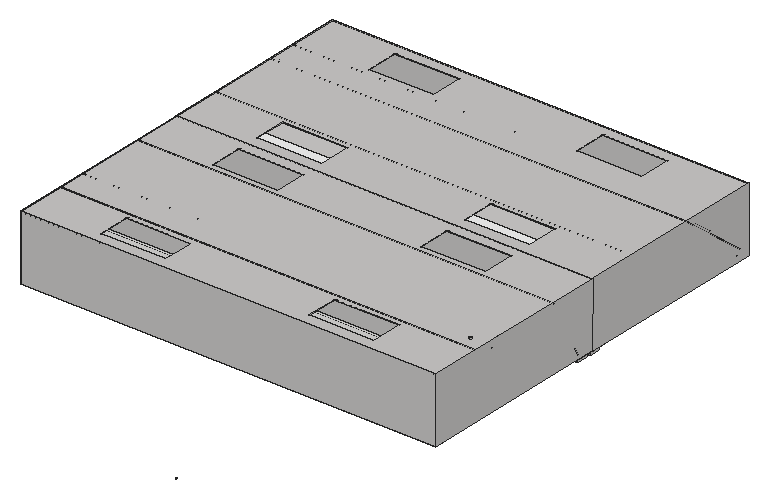
Revit family "QF_ELECTROLUXPROFESSIONAL_641396_STCF3032", category Specialty Equipment, Revit 2014
Reference planes
  plane 1 "Center (Front/Back)": y = 0
  plane 2: z = 0
  plane 3 "Center (Left/Right)": x = 0
  plane 4 "LEFT": x = -1600
  plane 5 "RIGHT": x = 1600
  plane 6 "BACK": y = 1500
  plane 7 "FRONT": y = -1500
  plane 8 "Base": z = 2000
  plane 9 "EIx": x = 1480
  plane 10 "Top": z = 2500
  plane 11 "BaseHood": z = 2000
  plane 12: y = 1500
  plane 13: y = -1020
Forms (mm)
  Extrusion 1, solid, material "QF_Finishes_Stainless Steel"
    sketch origin (-200, -1020, 2500) x (0, 1, 0) y (-1, 0, 0)
      loop
        circle (0, -1680) r 10
    from 0 to 1.6
Dimensions and locks
  plane 4 "LEFT" to plane 5 "RIGHT" = 3200.0 mm
  equal spacing: plane 4 "LEFT", plane 3 "Center (Left/Right)", plane 5 "RIGHT"
  equal spacing: plane 6 "BACK", plane 1 "Center (Front/Back)", plane 7 "FRONT"
  plane 6 "BACK" to plane 7 "FRONT" = 3000.0 mm  (x2)
  plane 9 "EIx" to plane 5 "RIGHT" = 120.0 mm
  plane 11 "BaseHood" to level = 2000.0 mm
  plane 10 "Top" to plane 11 "BaseHood" = 500.0 mm
  plane 13 to plane 7 "FRONT" = 480.0 mm
  aligned and locked: level to plane 2
Automatic sketch dimensions
  plane 1 "Center (Front/Back)" to Extrusion 1 sketch curve = 1020.0 mm
  Extrusion 1 sketch curve to plane 9 "EIx" = 0.0 mm
  radius of Extrusion 1 sketch curve = 10.0 mm
Nested families
  nested 1: "QF_ELECTROLUXPROFESSIONAL_641262" at (-150, -550, 0), type "QF_ELECTROLUXPROFESSIONAL_641262"
  nested 2: "QF_ELECTROLUXPROFESSIONAL_641262" at (-150, 550, 0), type "QF_ELECTROLUXPROFESSIONAL_641262"
Connectors
  hvac at (-800, -1289, 2505)
    settings: on nested 1, index 1, duct flow 0.0 L/s, flow factor 0, pres drop 0.0 Pa, loss coef 0, conn angle 0.00°, conn width 250 mm, conn height 500 mm, conn diameter 609.6 mm, duct sys type 1, conn prof type 1, flow config 1, flow direction 1, loss method 0, conn ref index -1, conn util no, is conn primary yes, conn desc "AIR INLET"
  hvac at (800, -1289, 2505)
    settings: on nested 1, index 8, duct flow 0.0 L/s, flow factor 0, pres drop 0.0 Pa, loss coef 0, conn angle 0.00°, conn width 250 mm, conn height 500 mm, conn diameter 609.6 mm, duct sys type 1, conn prof type 1, flow config 1, flow direction 1, loss method 0, conn ref index -1, conn util no, is conn primary no, conn desc "AIR INLET"
  piping at (1480, -60, 1970), diameter 9.5
    settings: on nested 1, index 10, connector inside diameter 609.6 mm, connector length 0.0 mm, flow factor 0, pipe flow 0.0 L/s, pressure drop 0.0 Pa, fitting loss kfactor 0, connector angle 0.00°, fixture units 0, engagement length 0.0 mm, angle of deflection 0.00°, flow configuration 1, flow direction 2, fitting loss method 0, system type 16, joint type 0, gender type 0, connector reference index -1, connector utility 0, adjustable connector no, is connector primary yes, connector description "Drain"
  electrical at (1480, -1020, 2501.6)
    settings: on Extrusion 1, index 11, voltage 0 V, apparent load 0 VA, apparent load phase1 0 VA, apparent load phase2 0 VA, apparent load phase3 0 VA, power factor 1, load classification "Other", number of poles 1, system type 30, power factor state 1, is connector primary yes, connector utility no, sub classification motor no, connector description "Electrical Connection"
  hvac at (-800, 1289, 2505)
    settings: on nested 2, index 12, duct flow 0.0 L/s, flow factor 0, pres drop 0.0 Pa, loss coef 0, conn angle 0.00°, conn width 500 mm, conn height 250 mm, conn diameter 609.6 mm, duct sys type 1, conn prof type 1, flow config 1, flow direction 1, loss method 0, conn ref index -1, conn util no, is conn primary no, conn desc "AIR INLET"
  hvac at (800, 1289, 2505)
    settings: on nested 2, index 15, duct flow 0.0 L/s, flow factor 0, pres drop 0.0 Pa, loss coef 0, conn angle 0.00°, conn width 500 mm, conn height 250 mm, conn diameter 609.6 mm, duct sys type 1, conn prof type 1, flow config 1, flow direction 1, loss method 0, conn ref index -1, conn util no, is conn primary no, conn desc "AIR INLET"
  piping at (1480, 60, 1970), diameter 9.5
    settings: on nested 2, index 16, connector inside diameter 609.6 mm, connector length 0.0 mm, flow factor 0, pipe flow 0.0 L/s, pressure drop 0.0 Pa, fitting loss kfactor 0, connector angle 0.00°, fixture units 0, engagement length 0.0 mm, angle of deflection 0.00°, flow configuration 1, flow direction 2, fitting loss method 0, system type 16, joint type 0, gender type 0, connector reference index -1, connector utility 0, adjustable connector no, is connector primary no, connector description ""
  hvac at (-800, 211, 2500)
    settings: on nested 2, index 17, duct flow 0.0 L/s, flow factor 0, pres drop 0.0 Pa, loss coef 0, conn angle 0.00°, conn width 250 mm, conn height 500 mm, conn diameter 609.6 mm, duct sys type 3, conn prof type 1, flow config 1, flow direction 2, loss method 0, conn ref index -1, conn util no, is conn primary no, conn desc "EXHAUST OUTLET"
  hvac at (-800, -211, 2500)
    settings: on nested 1, index 18, duct flow 0.0 L/s, flow factor 0, pres drop 0.0 Pa, loss coef 0, conn angle 0.00°, conn width 500 mm, conn height 250 mm, conn diameter 609.6 mm, duct sys type 3, conn prof type 1, flow config 1, flow direction 2, loss method 0, conn ref index -1, conn util no, is conn primary no, conn desc "EXHAUST OUTLET"
  hvac at (800, 211, 2500)
    settings: on nested 2, index 20, duct flow 0.0 L/s, flow factor 0, pres drop 0.0 Pa, loss coef 0, conn angle 0.00°, conn width 250 mm, conn height 500 mm, conn diameter 609.6 mm, duct sys type 3, conn prof type 1, flow config 1, flow direction 2, loss method 0, conn ref index -1, conn util no, is conn primary no, conn desc "EXHAUST OUTLET"
  hvac at (800, -211, 2500)
    settings: on nested 1, index 21, duct flow 0.0 L/s, flow factor 0, pres drop 0.0 Pa, loss coef 0, conn angle 0.00°, conn width 500 mm, conn height 250 mm, conn diameter 609.6 mm, duct sys type 3, conn prof type 1, flow config 1, flow direction 2, loss method 0, conn ref index -1, conn util no, is conn primary no, conn desc "EXHAUST OUTLET"
Definition of nested family "QF_ELECTROLUXPROFESSIONAL_641262"
  Reference planes
    plane 1: z = 0
    plane 2 "Center (Left/Right)": x = 150
    plane 3 "LEFT": x = -1450
    plane 4 "RIGHT": x = 1750
    plane 5 "BACK": y = 550
    plane 6 "TOP": z = 2500
    plane 7 "Base": z = 2000
    plane 8: z = 1955
    plane 9 "DrainY": y = 490
    plane 10: x = -1447
    plane 11 "DrainX": x = 1630
    plane 12 "AOLeft2": x = -400
    plane 13 "AORight1": x = 700
    plane 14: x = 1747
    plane 15: x = -1250
    plane 16: x = 1550
    plane 17 "Center (Front/Back)": y = -200
    plane 18 "Front": y = -950
    plane 19 "AOLeft1": x = -900
    plane 20 "AORight2": x = 1200
    plane 21: y = -864
    plane 22: y = -614
    plane 23 "EI_y": y = -470
    plane 24 "EIx": x = 1630
    plane 25: y = 464
    plane 26: y = 214
  Forms (mm)
    Extrusion 1, solid, material "QF_Finishes_Stainless Steel"
      sketch origin (-1450, 0, 360) x (0, 1, 0) y (0, 0, 1)
        loop
          line (550, 1640) -> (550, 2140) -> (-950, 2140) -> (-950, 1640) -> (550, 1640)
      from 0 to 3
    Extrusion 2, solid, material "QF_Finishes_Stainless Steel"
      sketch origin (1750, 0, 360) x (0, 1, 0) y (0, 0, 1)
        loop
          line (550, 1640) -> (550, 2140) -> (-950, 2140) -> (-950, 1640) -> (550, 1640)
      from 0 to -3
    Extrusion 3, solid, material "QF_Finishes_Stainless Steel"
      sketch origin (150, 0, 360) x (0, 1, 0) y (0, 0, 1)
        loop
          line (-950, 2140) -> (-950, 1640) -> (-940, 1640) -> (-940, 1640.8) -> (-949.2, 1640.8) -> (-949.2, 2139.19) -> (549.2, 2139.19) -> (549.2, 1640.8) -> (540, 1640.8) -> (540, 1640) -> (550, 1640) -> (550, 2140) -> (-950, 2140)
      from -1600 to 1600
    Extrusion 4, solid, material "QF_Finishes_Stainless Steel"
      sketch origin (0, 0, 2000) x (0, 1, 0) y (-1, 0, 0)
        loop
          circle (490, -1630) r 4.763
      from -30 to 0
    Extrusion 5, void
      sketch origin (0, 0, 2500) x (0, 1, 0) y (-1, 0, 0)
        loop
          line (-614, 400) -> (-614, 900) -> (-864, 900) -> (-864, 400) -> (-614, 400)
      from 0 to -10
    Extrusion 6, solid, material "QF_Finishes_Stainless Steel"
      sketch origin (0, 0, 0) x (1, 0, 0) y (0, 1, 0)
        loop
          line (-1450, 550) -> (-1450, 549) -> (-1449, 549) -> (-1449, 550) -> (-1450, 550)
      from 0 to 1
    Extrusion 7, solid, material "QF_LAMPS"
      sketch origin (150, 0, 360) x (0, 1, 0) y (0, 0, 1)
        loop
          line (-572.823, 1962.324) -> (-418.948, 2086.929) -> (-427.129, 2097.032) -> (-581.003, 1972.426) -> (-572.823, 1962.324)
      from 1597 to -1597
    Sweep 8, solid, material "QF_Finishes_Stainless Steel"
      path origin (0, 0, 0) x (1, 0, 0) y (0, 1, 0)
        loop
          line (1750, 550) -> (-1450, 550) -> (-1450, -950) -> (1750, -950) -> (1750, 550)
      profile origin (1750, -200, 0) x (1, 0, 0) y (0, 0, 1)
        loop
          line (-3, 2000) -> (-3, 2000.8) -> (-19, 2000.8) -> (-19, 2010) -> (-20, 2010) -> (-20, 2000) -> (-3, 2000)
    Extrusion 9, solid, material "QF_Finishes_Stainless Steel"
      sketch origin (150, 0, 0) x (0, 1, 0) y (0, 0, 1)
        loop
          line (414.66, 2095.469) -> (440.643, 2110.471) -> (261.744, 2411.771) -> (235.948, 2396.455) -> (414.66, 2095.469)
      from -1597 to -1400
    Extrusion 10, void
      sketch origin (1134.605, 0, 2500) x (0, 1, 0) y (-1, 0, 0)
        loop
          line (-614, -65.395) -> (-614, 434.605) -> (-864, 434.605) -> (-864, -65.395) -> (-614, -65.395)
      from 0 to -10
    Extrusion 11, solid, material "QF_Finishes_Stainless Steel"
      sketch origin (1630, 0, 0) x (0, 1, 0) y (0, 0, 1)
        loop
          line (539, 2000) -> (441, 2000) -> (441, 1989) -> (448.5, 1989) -> (448.5, 1965)
          arc (448.5, 1965) -> (451.429, 1957.929) -> (458.5, 1955) r 10
          line (458.5, 1955) -> (521.5, 1955)
          arc (521.5, 1955) -> (528.571, 1957.929) -> (531.5, 1965) r 10
          line (531.5, 1965) -> (531.5, 1989) -> (539, 1989) -> (539, 2000)
      from 90 to -90
    Extrusion 12, solid, material "QF_Finishes_Stainless Steel"
      sketch origin (150, 0, 0) x (0, 1, 0) y (0, 0, 1)
        loop
          line (414.66, 2095.469) -> (440.643, 2110.471) -> (261.744, 2411.771) -> (235.948, 2396.455) -> (414.66, 2095.469)
      from 1400 to 1597
    Extrusion 13, solid, material "QF_Finished_Chrome"
      sketch origin (150, 0, 0) x (0, 1, 0) y (0, 0, 1)
        loop
          line (414.66, 2095.469) -> (440.643, 2110.471) -> (261.744, 2411.771) -> (235.948, 2396.455) -> (414.66, 2095.469)
      from -1400 to 1400
    Extrusion 14, void
      sketch origin (0, 1180, 2500) x (0, 1, 0) y (-1, 0, 0)
        loop
          line (-716, 400) -> (-716, 900) -> (-966, 900) -> (-966, 400) -> (-716, 400)
      from 0 to -10
    Extrusion 15, void
      sketch origin (1600, 1180, 2500) x (0, 1, 0) y (-1, 0, 0)
        loop
          line (-716, 400) -> (-716, 900) -> (-966, 900) -> (-966, 400) -> (-716, 400)
      from 0 to -10
    Extrusion 16, solid, material "QF_Finishes_Stainless Steel"
      sketch origin (150, 0, 360) x (0, 1, 0) y (0, 0, 1)
        loop
          line (430.005, 1640) -> (540, 1640) -> (540, 1640.8) -> (430.467, 1640.8) -> (371.906, 1742.23) -> (414.858, 1734.657) -> (442.266, 1750.481) -> (442.266, 1765.943) -> (441.466, 1765.943) -> (441.466, 1750.943) -> (414.709, 1735.495) -> (321.153, 1751.991) -> (320.875, 1750.416) -> (371.4, 1741.507) -> (430.005, 1640)
        loop
          line (172.529, 2139.19) -> (242.893, 2017.316) -> (245.133, 2018.715) -> (240.13, 2027.381) -> (238.569, 2026.405) -> (173.453, 2139.19) -> (172.529, 2139.19)
      from -1597 to 1597
    Extrusion 17, solid, material "QF_Finishes_Stainless Steel"
      sketch origin (150, 200.8, 360) x (0, 1, 0) y (0, 0, 1)
        loop
          line (-1150, 2139.19) -> (-1150, 1640) -> (-1086.602, 1640) -> (-999.146, 1690.493) -> (-1010.058, 1709.394) -> (-1066.564, 1676.77) -> (-1114.704, 1680.982) -> (-1149.2, 1730.248) -> (-1149.2, 2139.19) -> (-1150, 2139.19)
        loop
          line (-773.6, 1961.694) -> (-781.937, 1971.99) -> (-769.095, 1982.182) -> (-769.095, 2139.19) -> (-769.895, 2139.19) -> (-769.895, 1982.569) -> (-1082.298, 1734.63) -> (-1071.091, 1720.79) -> (-773.6, 1961.694)
        loop
          line (-627.61, 2099.216) -> (-618.171, 2087.559) -> (-554.411, 2139.19) -> (-555.682, 2139.19) -> (-618.052, 2088.684) -> (-626.989, 2099.719) -> (-627.61, 2099.216)
      from -1597 to 1597
  Cuts and joins
    Extrusion 5, Extrusion 10, Extrusion 14, Extrusion 15 cuts Extrusion 3
    joined: Extrusion 2, Extrusion 3, Sweep 8
  Lines and regions (mm)
    symbolic lines, style "SpecialityEquipment", detail levels coarse
      curve 1: line (1750, 550, 2500) -> (-1450, 550, 2500)
      curve 2: line (-1450, 550, 2500) -> (-1450, -950, 2500)
      curve 3: line (1750, -950, 2500) -> (1750, 550, 2500)
      curve 4: line (-1450, 550, 0) -> (1750, -950, 0)
      curve 5: line (1750, 550, 0) -> (-1450, -950, 0)
      curve 6: line (-1450, -950, 0) -> (1750, -950, 0)
    symbolic lines, detail levels coarse
      curve 7: line (-900, 214, 2500) -> (-400, 214, 2500)
      curve 8: line (-900, 464, 2500) -> (-900, 214, 2500)
      curve 9: line (-400, 464, 2500) -> (-900, 464, 2500)
      curve 10: line (-400, 214, 2500) -> (-400, 464, 2500)
      curve 11: line (700, 464, 2500) -> (700, 214, 2500)
      curve 12: line (1200, 464, 2500) -> (700, 464, 2500)
      curve 13: line (700, 214, 2500) -> (1200, 214, 2500)
      curve 14: line (1200, 214, 2500) -> (1200, 464, 2500)
    symbolic lines
      curve 15: line (-900, -614, 0) -> (-400, -614, 0)
      curve 16: line (-900, -864, 0) -> (-900, -614, 0)
      curve 17: line (-400, -864, 0) -> (-900, -864, 0)
      curve 18: line (-400, -614, 0) -> (-400, -864, 0)
      curve 19: line (700, -614, 0) -> (1200, -614, 0)
      curve 20: line (700, -864, 0) -> (700, -614, 0)
      curve 21: line (1200, -864, 0) -> (700, -864, 0)
      curve 22: line (1200, -614, 0) -> (1200, -864, 0)
  Dimensions and locks
    plane 3 "LEFT" to plane 4 "RIGHT" = 3200.0 mm
    equal spacing: plane 3 "LEFT", plane 2 "Center (Left/Right)", plane 4 "RIGHT"
    plane 7 "Base" to plane 8 = 45.0 mm
    plane 5 "BACK" to plane 9 "DrainY" = 60.0 mm  (x2)
    plane 3 "LEFT" to plane 10 = 3.0 mm
    plane 11 "DrainX" to plane 4 "RIGHT" = 120.0 mm
    plane 14 to plane 4 "RIGHT" = 3.0 mm
    plane 3 "LEFT" to plane 15 = 200.0 mm
    plane 16 to plane 4 "RIGHT" = 200.0 mm
    locked: plane 12 "AOLeft2" to plane 13 "AORight1" at 1100
    equal spacing: plane 12 "AOLeft2", plane 2 "Center (Left/Right)", plane 13 "AORight1"
    locked: plane 7 "Base" to level at 2000
    locked: plane 6 "TOP" to plane 7 "Base" at 500
    locked: plane 19 "AOLeft1" to plane 12 "AOLeft2" at 500
    locked: plane 13 "AORight1" to plane 20 "AORight2" at 500
    locked: plane 22 to plane 21 at 250
    locked: plane 21 to plane 18 "Front" at 86
    locked: plane 23 "EI_y" to plane 18 "Front" at 480
    locked: plane 24 "EIx" to plane 4 "RIGHT" at 120
    locked: plane 5 "BACK" to plane 18 "Front" at 1500
    plane 5 "BACK" to plane 18 "Front" = 1500.0 mm
    equal spacing: plane 5 "BACK", plane 17 "Center (Front/Back)", plane 18 "Front"
    locked: plane 26 to plane 25 at 250
    plane 5 "BACK" to plane 25 = 86.0 mm
    aligned and locked: level to plane 1
    aligned and locked: plane 4 "RIGHT" to Extrusion 3
    aligned and locked: Extrusion 3 to plane 3 "LEFT"
    aligned and locked: Extrusion 2 to plane 14
    aligned and locked: Extrusion 9 to plane 10
    aligned and locked: Extrusion 5 to plane 19 "AOLeft1"
    aligned and locked: Extrusion 5 to plane 12 "AOLeft2"
    aligned and locked: plane 20 "AORight2" to Extrusion 10
    aligned and locked: plane 13 "AORight1" to Extrusion 10
    aligned and locked: plane 15 to Extrusion 9
    aligned and locked: plane 16 to Extrusion 12
    aligned and locked: plane 14 to Extrusion 12
    aligned and locked: Extrusion 13 to plane 15
    aligned and locked: Extrusion 13 to plane 16
    aligned and locked: plane 14 to Extrusion 7
    aligned and locked: Extrusion 7 to plane 10
    aligned and locked: plane 13 "AORight1" to Extrusion 15
    aligned and locked: plane 20 "AORight2" to Extrusion 15
    aligned and locked: Extrusion 14 to plane 19 "AOLeft1"
    aligned and locked: Extrusion 14 to plane 12 "AOLeft2"
    aligned and locked: Extrusion 16 to plane 10
    aligned and locked: plane 14 to Extrusion 16
    aligned and locked: Extrusion 5 to plane 21
    aligned and locked: plane 22 to Extrusion 5
    aligned and locked: Extrusion 10 to plane 21
    aligned and locked: Extrusion 17 to plane 10
    aligned and locked: plane 14 to Extrusion 17
    aligned and locked: cut or joined group of Extrusion 2, Extrusion 3, Extrusion 5, Sweep 8, Extrusion 10, Extrusion 14, Extrusion 15 to plane 25  (x2)
    aligned and locked: curve 9 to plane 25
    aligned and locked: curve 12 to plane 25
    aligned and locked: plane 26 to cut or joined group of Extrusion 2, Extrusion 3, Extrusion 5, Sweep 8, Extrusion 10, Extrusion 14, Extrusion 15  (x2)
    aligned and locked: plane 26 to curve 13
    aligned and locked: plane 26 to curve 7
  Automatic sketch dimensions
    Extrusion 4 sketch curve to plane 9 "DrainY" = 0.0 mm
    Extrusion 4 sketch curve to plane 11 "DrainX" = 0.0 mm
    Extrusion 9 sketch curve to plane 9 "DrainY" = 75.34 mm
    Extrusion 9 sketch curve to Extrusion 9 sketch curve = 25.983 mm
    plane 7 "Base" to Extrusion 9 sketch curve = 95.469 mm
    Extrusion 9 sketch curve to Extrusion 9 sketch curve = 15.001 mm
    Extrusion 9 sketch curve to plane 6 "TOP" = 103.545 mm
    Extrusion 9 sketch curve to Extrusion 9 sketch curve = 15.316 mm
    Extrusion 12 sketch curve to plane 9 "DrainY" = 75.34 mm
    Extrusion 12 sketch curve to Extrusion 12 sketch curve = 25.983 mm
    plane 7 "Base" to Extrusion 12 sketch curve = 95.469 mm
    Extrusion 12 sketch curve to Extrusion 12 sketch curve = 15.001 mm
    Extrusion 12 sketch curve to plane 6 "TOP" = 103.545 mm
    Extrusion 12 sketch curve to Extrusion 12 sketch curve = 15.316 mm
    Extrusion 13 sketch curve to plane 9 "DrainY" = 75.34 mm
    Extrusion 13 sketch curve to Extrusion 13 sketch curve = 25.983 mm
    plane 7 "Base" to Extrusion 13 sketch curve = 95.469 mm
    Extrusion 13 sketch curve to Extrusion 13 sketch curve = 15.001 mm
    Extrusion 13 sketch curve to plane 6 "TOP" = 103.545 mm
    Extrusion 13 sketch curve to Extrusion 13 sketch curve = 15.316 mm
    Extrusion 16 sketch curve to plane 7 "Base" = 0.0 mm
    Extrusion 16 sketch curve to plane 6 "TOP" = 0.81 mm
    Extrusion 16 sketch curve to Extrusion 16 sketch curve = 0.924 mm
    Extrusion 16 sketch curve to Extrusion 16 sketch curve = 2.24 mm
    Extrusion 16 sketch curve to Extrusion 16 sketch curve = 0.278 mm
    Extrusion 16 sketch curve to Extrusion 16 sketch curve = 50.525 mm
    Extrusion 16 sketch curve to Extrusion 16 sketch curve = 0.506 mm
    Extrusion 16 sketch curve to Extrusion 16 sketch curve = 42.803 mm
    Extrusion 16 sketch curve to Extrusion 16 sketch curve = 0.148 mm
    Extrusion 16 sketch curve to plane 9 "DrainY" = 59.995 mm
    plane 7 "Base" to Extrusion 16 sketch curve = 0.8 mm
    Extrusion 16 sketch curve to Extrusion 16 sketch curve = 0.462 mm  (x2)
    Extrusion 16 sketch curve to Extrusion 16 sketch curve = 109.533 mm
    Extrusion 16 sketch curve to Extrusion 16 sketch curve = 26.757 mm
    Extrusion 16 sketch curve to Extrusion 16 sketch curve = 0.8 mm
    plane 7 "Base" to Extrusion 16 sketch curve = 94.657 mm
    Extrusion 16 sketch curve to Extrusion 16 sketch curve = 0.838 mm
    Extrusion 16 sketch curve to Extrusion 16 sketch curve = 6.012 mm
    Extrusion 16 sketch curve to Extrusion 16 sketch curve = 0.723 mm
    Extrusion 16 sketch curve to Extrusion 16 sketch curve = 14.986 mm
    Extrusion 16 sketch curve to Extrusion 16 sketch curve = 15.0 mm
    Extrusion 16 sketch curve to plane 6 "TOP" = 122.684 mm
    Extrusion 16 sketch curve to Extrusion 16 sketch curve = 1.399 mm
    Extrusion 16 sketch curve to Extrusion 16 sketch curve = 9.089 mm
    Extrusion 16 sketch curve to Extrusion 16 sketch curve = 0.975 mm
    Extrusion 9 sketch curve to plane 9 "DrainY" = 228.256 mm
    Extrusion 9 sketch curve to Extrusion 9 sketch curve = 25.795 mm
    Extrusion 12 sketch curve to plane 9 "DrainY" = 228.256 mm
    Extrusion 12 sketch curve to Extrusion 12 sketch curve = 25.795 mm
    Extrusion 13 sketch curve to plane 9 "DrainY" = 228.256 mm
    Extrusion 13 sketch curve to Extrusion 13 sketch curve = 25.795 mm
    Extrusion 16 sketch curve to plane 9 "DrainY" = 75.142 mm
    Extrusion 16 sketch curve to plane 9 "DrainY" = 244.867 mm
    Extrusion 16 sketch curve to Extrusion 16 sketch curve = 5.003 mm
    Extrusion 16 sketch curve to Extrusion 16 sketch curve = 1.561 mm
    Extrusion 16 sketch curve to Extrusion 16 sketch curve = 66.677 mm
    curve 6 to plane 3 "LEFT" = 0.0 mm
    curve 4 to plane 3 "LEFT" = 0.0 mm
    curve 16 to plane 19 "AOLeft1" = 0.0 mm
    curve 18 to plane 12 "AOLeft2" = 0.0 mm
    curve 20 to plane 13 "AORight1" = 0.0 mm
    curve 22 to plane 20 "AORight2" = 0.0 mm
    curve 6 to plane 4 "RIGHT" = 0.0 mm
    curve 5 to plane 4 "RIGHT" = 0.0 mm
    curve 4 to plane 18 "Front" = 0.0 mm
    curve 21 to plane 21 = 0.0 mm
    curve 17 to plane 21 = 0.0 mm
    curve 18 to plane 22 = 0.0 mm
    curve 19 to plane 22 = 0.0 mm
    curve 4 to plane 5 "BACK" = 0.0 mm
    curve 5 to plane 5 "BACK" = 0.0 mm
    curve 2 to plane 3 "LEFT" = 0.0 mm
    curve 2 to plane 18 "Front" = 0.0 mm
    curve 3 to plane 4 "RIGHT" = 0.0 mm
    curve 3 to plane 18 "Front" = 0.0 mm
    curve 13 to plane 20 "AORight2" = 0.0 mm
    curve 11 to plane 13 "AORight1" = 0.0 mm
    curve 7 to plane 19 "AOLeft1" = 0.0 mm
    curve 7 to plane 12 "AOLeft2" = 0.0 mm
    curve 2 to plane 5 "BACK" = 0.0 mm
    Extrusion 1 sketch curve to plane 7 "Base" = 0.0 mm
    Extrusion 1 sketch curve to plane 18 "Front" = 0.0 mm
    Extrusion 1 sketch curve to plane 5 "BACK" = 0.0 mm
    Extrusion 1 sketch curve to plane 6 "TOP" = 0.0 mm
    Extrusion 2 sketch curve to plane 7 "Base" = 0.0 mm
    Extrusion 2 sketch curve to plane 18 "Front" = 0.0 mm
    Extrusion 2 sketch curve to plane 5 "BACK" = 0.0 mm
    Extrusion 2 sketch curve to plane 6 "TOP" = 0.0 mm
    Extrusion 3 sketch curve to plane 6 "TOP" = 0.0 mm
    Extrusion 3 sketch curve to plane 18 "Front" = 0.0 mm
    Extrusion 3 sketch curve to plane 7 "Base" = 0.0 mm  (x2)
    Extrusion 3 sketch curve to plane 5 "BACK" = 0.0 mm
    plane 18 "Front" to Extrusion 3 sketch curve = 0.8 mm
    Extrusion 3 sketch curve to Extrusion 3 sketch curve = 9.2 mm
    plane 7 "Base" to Extrusion 3 sketch curve = 0.8 mm  (x2)
    Extrusion 3 sketch curve to plane 5 "BACK" = 10.0 mm
    Extrusion 3 sketch curve to plane 5 "BACK" = 0.8 mm
    Extrusion 3 sketch curve to plane 6 "TOP" = 0.81 mm
    Extrusion 5 sketch curve to plane 12 "AOLeft2" = 0.0 mm
    Extrusion 5 sketch curve to plane 21 = 0.0 mm
    Extrusion 5 sketch curve to plane 22 = 0.0 mm
    Extrusion 5 sketch curve to plane 19 "AOLeft1" = 0.0 mm
    Extrusion 6 sketch curve to plane 3 "LEFT" = 0.0 mm
    Extrusion 6 sketch curve to plane 5 "BACK" = 0.0 mm
    plane 3 "LEFT" to Extrusion 6 sketch curve = 1.0 mm
    Extrusion 6 sketch curve to Extrusion 6 sketch curve = 1.0 mm
    plane 22 to Extrusion 7 sketch curve = 32.997 mm
    Extrusion 7 sketch curve to Extrusion 7 sketch curve = 8.181 mm  (x2)
    plane 23 "EI_y" to Extrusion 7 sketch curve = 42.871 mm
    Extrusion 7 sketch curve to plane 6 "TOP" = 177.676 mm
    Extrusion 7 sketch curve to Extrusion 7 sketch curve = 10.102 mm
    Extrusion 7 sketch curve to plane 6 "TOP" = 53.071 mm
    Extrusion 7 sketch curve to Extrusion 7 sketch curve = 10.103 mm
    Sweep 8 sketch curve to plane 3 "LEFT" = 0.0 mm
    Sweep 8 sketch curve to plane 4 "RIGHT" = 0.0 mm
    Sweep 8 sketch curve to plane 18 "Front" = 0.0 mm
    Sweep 8 sketch curve to plane 5 "BACK" = 0.0 mm
    profile plane to Sweep 8 sketch curve = 20.0 mm
    Sweep 8 sketch curve to Sweep 8 sketch curve = 1.0 mm
    profile plane to Sweep 8 sketch curve = 3.0 mm
    level to Sweep 8 sketch curve = 2000.0 mm
    Sweep 8 sketch curve to Sweep 8 sketch curve = 0.8 mm
    Sweep 8 sketch curve to Sweep 8 sketch curve = 9.2 mm
    Extrusion 10 sketch curve to plane 20 "AORight2" = 0.0 mm
    Extrusion 10 sketch curve to plane 21 = 0.0 mm
    Extrusion 10 sketch curve to plane 22 = 0.0 mm
    Extrusion 10 sketch curve to plane 13 "AORight1" = 0.0 mm
    Extrusion 11 sketch curve to plane 7 "Base" = 0.0 mm
    Extrusion 11 sketch curve to plane 8 = 0.0 mm
    Extrusion 11 sketch curve to plane 7 "Base" = 11.0 mm  (x2)
    plane 25 to Extrusion 11 sketch curve = 23.0 mm
    Extrusion 11 sketch curve to Extrusion 11 sketch curve = 7.5 mm  (x2)
    plane 25 to Extrusion 11 sketch curve = 5.5 mm
    Extrusion 11 sketch curve to plane 5 "BACK" = 28.5 mm
    Extrusion 11 sketch curve to plane 5 "BACK" = 18.5 mm
    Extrusion 14 sketch curve to plane 12 "AOLeft2" = 0.0 mm
    Extrusion 14 sketch curve to plane 19 "AOLeft1" = 0.0 mm
    Extrusion 14 sketch curve to plane 9 "DrainY" = 26.0 mm
    Extrusion 14 sketch curve to plane 26 = 0.0 mm
    Extrusion 15 sketch curve to plane 20 "AORight2" = 0.0 mm
    Extrusion 15 sketch curve to plane 13 "AORight1" = 0.0 mm
    Extrusion 15 sketch curve to plane 9 "DrainY" = 26.0 mm
    Extrusion 15 sketch curve to plane 26 = 0.0 mm
    Extrusion 17 sketch curve to plane 7 "Base" = 0.0 mm
    plane 18 "Front" to Extrusion 17 sketch curve = 0.8 mm
    Extrusion 17 sketch curve to Extrusion 17 sketch curve = 0.8 mm  (x2)
    plane 18 "Front" to Extrusion 17 sketch curve = 36.096 mm
    Extrusion 17 sketch curve to plane 21 = 21.802 mm
    Extrusion 17 sketch curve to plane 21 = 17.498 mm
    Extrusion 17 sketch curve to plane 21 = 6.291 mm
    Extrusion 17 sketch curve to plane 21 = 1.764 mm
    plane 21 to Extrusion 17 sketch curve = 54.742 mm
    Extrusion 17 sketch curve to Extrusion 17 sketch curve = 10.912 mm
    plane 22 to Extrusion 17 sketch curve = 32.863 mm
    Extrusion 17 sketch curve to Extrusion 17 sketch curve = 8.337 mm
    Extrusion 17 sketch curve to Extrusion 17 sketch curve = 12.042 mm
    plane 23 "EI_y" to Extrusion 17 sketch curve = 43.19 mm
    Extrusion 17 sketch curve to Extrusion 17 sketch curve = 0.622 mm
    Extrusion 17 sketch curve to Extrusion 17 sketch curve = 9.44 mm
    Extrusion 17 sketch curve to Extrusion 17 sketch curve = 0.118 mm
    Extrusion 17 sketch curve to plane 6 "TOP" = 0.81 mm  (x3)
    Extrusion 17 sketch curve to Extrusion 17 sketch curve = 62.37 mm
    Extrusion 17 sketch curve to Extrusion 17 sketch curve = 1.271 mm
    plane 7 "Base" to Extrusion 17 sketch curve = 36.77 mm
    plane 7 "Base" to Extrusion 17 sketch curve = 40.982 mm
    plane 7 "Base" to Extrusion 17 sketch curve = 50.493 mm
    Extrusion 17 sketch curve to Extrusion 17 sketch curve = 18.901 mm
    Extrusion 17 sketch curve to Extrusion 17 sketch curve = 44.02 mm
    Extrusion 17 sketch curve to Extrusion 17 sketch curve = 49.266 mm
    Extrusion 17 sketch curve to Extrusion 17 sketch curve = 13.84 mm
    Extrusion 17 sketch curve to plane 6 "TOP" = 178.306 mm
    Extrusion 17 sketch curve to Extrusion 17 sketch curve = 10.296 mm
    Extrusion 17 sketch curve to Extrusion 17 sketch curve = 10.192 mm
    Extrusion 17 sketch curve to Extrusion 17 sketch curve = 0.386 mm
    Extrusion 17 sketch curve to plane 6 "TOP" = 52.441 mm
    Extrusion 17 sketch curve to Extrusion 17 sketch curve = 1.125 mm
    radius of Extrusion 4 sketch curve = 4.763 mm
